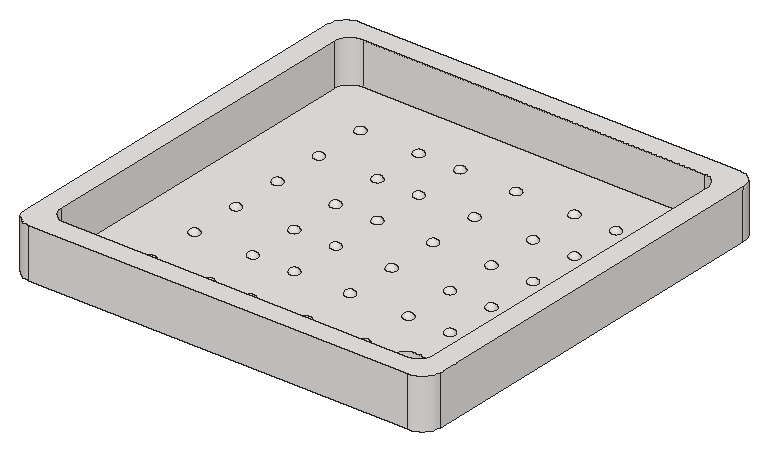
Revit family "GOSE Plato de ducha JB808P001", category Generic Models, Revit 2014
Parameters (values of type "JB808P001")
  material = Porcelana Vitrificada
  b = 800 mm
  a = 800 mm
  MODELO = "GOSE"
  MARCA = "WASSER"
  EMPRESA = "CHC COMERCIAL HISPANO CHILENA"
  DIMENSIONES = "80X80CM"
  CÓDIGO = "JB808P001"
  ACCESORIO = "PLATO DE DUCHA"
Reference planes
  plane 1 "Center (Front/Back)": y = 0
  plane 2: z = 0
  plane 3 "Center (Left/Right)": x = 0
  plane 4: y = 400
  plane 5: y = -400
  plane 6: x = 400
  plane 7: x = -400
  plane 8: z = 95
Forms (mm)
  Extrusion 1, solid, material "Porcelana Vitrificada" <- "material"
    sketch origin (0, 0, 0) x (1, 0, 0) y (0, 1, 0)
      loop
        arc (-365, 400) -> (-389.749, 389.749) -> (-400, 365) r 35
        line (-400, 365) -> (-400, -365)
        arc (-400, -365) -> (-389.749, -389.749) -> (-365, -400) r 35
        line (-365, -400) -> (365, -400)
        arc (365, -400) -> (389.749, -389.749) -> (400, -365) r 35
        line (400, -365) -> (400, 365)
        arc (400, 365) -> (389.749, 389.749) -> (365, 400) r 35
        line (365, 400) -> (-365, 400)
    from 0 to 95
  Extrusion 2, void
    sketch origin (0, 0, 0) x (1, 0, 0) y (0, 1, 0)
      loop
        line (328.5, 360) -> (-328.5, 360)
        arc (-328.5, 360) -> (-350.774, 350.774) -> (-360, 328.5) r 31.5
        line (-360, 328.5) -> (-360, -328.5)
        arc (-360, -328.5) -> (-350.774, -350.774) -> (-328.5, -360) r 31.5
        line (-328.5, -360) -> (328.5, -360)
        arc (328.5, -360) -> (350.774, -350.774) -> (360, -328.5) r 31.5
        line (360, -328.5) -> (360, 328.5)
        arc (360, 328.5) -> (350.774, 350.774) -> (328.5, 360) r 31.5
    from 13.879 to 95
  Extrusion 3, void
    sketch origin (0, 0, 0) x (1, 0, 0) y (0, 1, 0)
      loop
        circle (247.583, -257.759) r 30
    from 0 to 22.243
  Revolve 4, solid, material "Porcelana Vitrificada" <- "material"
    sketch origin (0, 0, 10.625) x (1, 0, 0) y (0, 1, 0)
      loop
        arc (235.263, 251.336) -> (245.263, 241.336) -> (255.263, 251.336) r 10
        line (255.263, 251.336) -> (235.263, 251.336)
      axis (235.263, 251.336) -> (255.263, 251.336)
    angle from 0 to 360
  Revolve 5, solid, material "Porcelana Vitrificada" <- "material"
    sketch origin (-80, 0, 10.625) x (1, 0, 0) y (0, 1, 0)
      loop
        arc (235.263, 251.336) -> (245.263, 241.336) -> (255.263, 251.336) r 10
        line (255.263, 251.336) -> (235.263, 251.336)
      axis (235.263, 251.336) -> (255.263, 251.336)
    angle from 0 to 360
  Revolve 6, solid, material "Porcelana Vitrificada" <- "material"
    sketch origin (-192.5, 0, 10.625) x (1, 0, 0) y (0, 1, 0)
      loop
        arc (235.263, 251.336) -> (245.263, 241.336) -> (255.263, 251.336) r 10
        line (255.263, 251.336) -> (235.263, 251.336)
      axis (235.263, 251.336) -> (255.263, 251.336)
    angle from 0 to 360
  Revolve 7, solid, material "Porcelana Vitrificada" <- "material"
    sketch origin (-300, 0, 10.625) x (1, 0, 0) y (0, 1, 0)
      loop
        arc (235.263, 251.336) -> (245.263, 241.336) -> (255.263, 251.336) r 10
        line (255.263, 251.336) -> (235.263, 251.336)
      axis (235.263, 251.336) -> (255.263, 251.336)
    angle from 0 to 360
  Revolve 8, solid, material "Porcelana Vitrificada" <- "material"
    sketch origin (-380, 0, 10.625) x (1, 0, 0) y (0, 1, 0)
      loop
        arc (235.263, 251.336) -> (245.263, 241.336) -> (255.263, 251.336) r 10
        line (255.263, 251.336) -> (235.263, 251.336)
      axis (235.263, 251.336) -> (255.263, 251.336)
    angle from 0 to 360
  Revolve 9, solid, material "Porcelana Vitrificada" <- "material"
    sketch origin (-492.5, 0, 10.625) x (1, 0, 0) y (0, 1, 0)
      loop
        arc (235.263, 251.336) -> (245.263, 241.336) -> (255.263, 251.336) r 10
        line (255.263, 251.336) -> (235.263, 251.336)
      axis (235.263, 251.336) -> (255.263, 251.336)
    angle from 0 to 360
  Revolve 10, solid, material "Porcelana Vitrificada" <- "material"
    sketch origin (0, -100, 10.625) x (1, 0, 0) y (0, 1, 0)
      loop
        arc (235.263, 251.336) -> (245.263, 241.336) -> (255.263, 251.336) r 10
        line (255.263, 251.336) -> (235.263, 251.336)
      axis (235.263, 251.336) -> (255.263, 251.336)
    angle from 0 to 360
  Revolve 11, solid, material "Porcelana Vitrificada" <- "material"
    sketch origin (-80, -100, 10.625) x (1, 0, 0) y (0, 1, 0)
      loop
        arc (235.263, 251.336) -> (245.263, 241.336) -> (255.263, 251.336) r 10
        line (255.263, 251.336) -> (235.263, 251.336)
      axis (235.263, 251.336) -> (255.263, 251.336)
    angle from 0 to 360
  Revolve 12, solid, material "Porcelana Vitrificada" <- "material"
    sketch origin (-192.5, -100, 10.625) x (1, 0, 0) y (0, 1, 0)
      loop
        arc (235.263, 251.336) -> (245.263, 241.336) -> (255.263, 251.336) r 10
        line (255.263, 251.336) -> (235.263, 251.336)
      axis (235.263, 251.336) -> (255.263, 251.336)
    angle from 0 to 360
  Revolve 13, solid, material "Porcelana Vitrificada" <- "material"
    sketch origin (-300, -100, 10.625) x (1, 0, 0) y (0, 1, 0)
      loop
        arc (235.263, 251.336) -> (245.263, 241.336) -> (255.263, 251.336) r 10
        line (255.263, 251.336) -> (235.263, 251.336)
      axis (235.263, 251.336) -> (255.263, 251.336)
    angle from 0 to 360
  Revolve 14, solid, material "Porcelana Vitrificada" <- "material"
    sketch origin (-380, -100, 10.625) x (1, 0, 0) y (0, 1, 0)
      loop
        arc (235.263, 251.336) -> (245.263, 241.336) -> (255.263, 251.336) r 10
        line (255.263, 251.336) -> (235.263, 251.336)
      axis (235.263, 251.336) -> (255.263, 251.336)
    angle from 0 to 360
  Revolve 15, solid, material "Porcelana Vitrificada" <- "material"
    sketch origin (-492.5, -100, 10.625) x (1, 0, 0) y (0, 1, 0)
      loop
        arc (235.263, 251.336) -> (245.263, 241.336) -> (255.263, 251.336) r 10
        line (255.263, 251.336) -> (235.263, 251.336)
      axis (235.263, 251.336) -> (255.263, 251.336)
    angle from 0 to 360
  Revolve 16, solid, material "Porcelana Vitrificada" <- "material"
    sketch origin (0, -200, 10.625) x (1, 0, 0) y (0, 1, 0)
      loop
        arc (235.263, 251.336) -> (245.263, 241.336) -> (255.263, 251.336) r 10
        line (255.263, 251.336) -> (235.263, 251.336)
      axis (235.263, 251.336) -> (255.263, 251.336)
    angle from 0 to 360
  Revolve 17, solid, material "Porcelana Vitrificada" <- "material"
    sketch origin (-80, -200, 10.625) x (1, 0, 0) y (0, 1, 0)
      loop
        arc (235.263, 251.336) -> (245.263, 241.336) -> (255.263, 251.336) r 10
        line (255.263, 251.336) -> (235.263, 251.336)
      axis (235.263, 251.336) -> (255.263, 251.336)
    angle from 0 to 360
  Revolve 18, solid, material "Porcelana Vitrificada" <- "material"
    sketch origin (-192.5, -200, 10.625) x (1, 0, 0) y (0, 1, 0)
      loop
        arc (235.263, 251.336) -> (245.263, 241.336) -> (255.263, 251.336) r 10
        line (255.263, 251.336) -> (235.263, 251.336)
      axis (235.263, 251.336) -> (255.263, 251.336)
    angle from 0 to 360
  Revolve 19, solid, material "Porcelana Vitrificada" <- "material"
    sketch origin (-300, -200, 10.625) x (1, 0, 0) y (0, 1, 0)
      loop
        arc (235.263, 251.336) -> (245.263, 241.336) -> (255.263, 251.336) r 10
        line (255.263, 251.336) -> (235.263, 251.336)
      axis (235.263, 251.336) -> (255.263, 251.336)
    angle from 0 to 360
  Revolve 20, solid, material "Porcelana Vitrificada" <- "material"
    sketch origin (-380, -200, 10.625) x (1, 0, 0) y (0, 1, 0)
      loop
        arc (235.263, 251.336) -> (245.263, 241.336) -> (255.263, 251.336) r 10
        line (255.263, 251.336) -> (235.263, 251.336)
      axis (235.263, 251.336) -> (255.263, 251.336)
    angle from 0 to 360
  Revolve 21, solid, material "Porcelana Vitrificada" <- "material"
    sketch origin (-492.5, -200, 10.625) x (1, 0, 0) y (0, 1, 0)
      loop
        arc (235.263, 251.336) -> (245.263, 241.336) -> (255.263, 251.336) r 10
        line (255.263, 251.336) -> (235.263, 251.336)
      axis (235.263, 251.336) -> (255.263, 251.336)
    angle from 0 to 360
  Revolve 22, solid, material "Porcelana Vitrificada" <- "material"
    sketch origin (0, -300, 10.625) x (1, 0, 0) y (0, 1, 0)
      loop
        arc (235.263, 251.336) -> (245.263, 241.336) -> (255.263, 251.336) r 10
        line (255.263, 251.336) -> (235.263, 251.336)
      axis (235.263, 251.336) -> (255.263, 251.336)
    angle from 0 to 360
  Revolve 23, solid, material "Porcelana Vitrificada" <- "material"
    sketch origin (-80, -300, 10.625) x (1, 0, 0) y (0, 1, 0)
      loop
        arc (235.263, 251.336) -> (245.263, 241.336) -> (255.263, 251.336) r 10
        line (255.263, 251.336) -> (235.263, 251.336)
      axis (235.263, 251.336) -> (255.263, 251.336)
    angle from 0 to 360
  Revolve 24, solid, material "Porcelana Vitrificada" <- "material"
    sketch origin (-192.5, -300, 10.625) x (1, 0, 0) y (0, 1, 0)
      loop
        arc (235.263, 251.336) -> (245.263, 241.336) -> (255.263, 251.336) r 10
        line (255.263, 251.336) -> (235.263, 251.336)
      axis (235.263, 251.336) -> (255.263, 251.336)
    angle from 0 to 360
  Revolve 25, solid, material "Porcelana Vitrificada" <- "material"
    sketch origin (-300, -300, 10.625) x (1, 0, 0) y (0, 1, 0)
      loop
        arc (235.263, 251.336) -> (245.263, 241.336) -> (255.263, 251.336) r 10
        line (255.263, 251.336) -> (235.263, 251.336)
      axis (235.263, 251.336) -> (255.263, 251.336)
    angle from 0 to 360
  Revolve 26, solid, material "Porcelana Vitrificada" <- "material"
    sketch origin (-380, -300, 10.625) x (1, 0, 0) y (0, 1, 0)
      loop
        arc (235.263, 251.336) -> (245.263, 241.336) -> (255.263, 251.336) r 10
        line (255.263, 251.336) -> (235.263, 251.336)
      axis (235.263, 251.336) -> (255.263, 251.336)
    angle from 0 to 360
  Revolve 27, solid, material "Porcelana Vitrificada" <- "material"
    sketch origin (-492.5, -300, 10.625) x (1, 0, 0) y (0, 1, 0)
      loop
        arc (235.263, 251.336) -> (245.263, 241.336) -> (255.263, 251.336) r 10
        line (255.263, 251.336) -> (235.263, 251.336)
      axis (235.263, 251.336) -> (255.263, 251.336)
    angle from 0 to 360
  Revolve 28, solid, material "Porcelana Vitrificada" <- "material"
    sketch origin (0, -400, 10.625) x (1, 0, 0) y (0, 1, 0)
      loop
        arc (235.263, 251.336) -> (245.263, 241.336) -> (255.263, 251.336) r 10
        line (255.263, 251.336) -> (235.263, 251.336)
      axis (235.263, 251.336) -> (255.263, 251.336)
    angle from 0 to 360
  Revolve 29, solid, material "Porcelana Vitrificada" <- "material"
    sketch origin (-80, -400, 10.625) x (1, 0, 0) y (0, 1, 0)
      loop
        arc (235.263, 251.336) -> (245.263, 241.336) -> (255.263, 251.336) r 10
        line (255.263, 251.336) -> (235.263, 251.336)
      axis (235.263, 251.336) -> (255.263, 251.336)
    angle from 0 to 360
  Revolve 30, solid, material "Porcelana Vitrificada" <- "material"
    sketch origin (-192.5, -400, 10.625) x (1, 0, 0) y (0, 1, 0)
      loop
        arc (235.263, 251.336) -> (245.263, 241.336) -> (255.263, 251.336) r 10
        line (255.263, 251.336) -> (235.263, 251.336)
      axis (235.263, 251.336) -> (255.263, 251.336)
    angle from 0 to 360
  Revolve 31, solid, material "Porcelana Vitrificada" <- "material"
    sketch origin (-300, -400, 10.625) x (1, 0, 0) y (0, 1, 0)
      loop
        arc (235.263, 251.336) -> (245.263, 241.336) -> (255.263, 251.336) r 10
        line (255.263, 251.336) -> (235.263, 251.336)
      axis (235.263, 251.336) -> (255.263, 251.336)
    angle from 0 to 360
  Revolve 32, solid, material "Porcelana Vitrificada" <- "material"
    sketch origin (-380, -400, 10.625) x (1, 0, 0) y (0, 1, 0)
      loop
        arc (235.263, 251.336) -> (245.263, 241.336) -> (255.263, 251.336) r 10
        line (255.263, 251.336) -> (235.263, 251.336)
      axis (235.263, 251.336) -> (255.263, 251.336)
    angle from 0 to 360
  Revolve 33, solid, material "Porcelana Vitrificada" <- "material"
    sketch origin (-492.5, -400, 10.625) x (1, 0, 0) y (0, 1, 0)
      loop
        arc (235.263, 251.336) -> (245.263, 241.336) -> (255.263, 251.336) r 10
        line (255.263, 251.336) -> (235.263, 251.336)
      axis (235.263, 251.336) -> (255.263, 251.336)
    angle from 0 to 360
  Revolve 34, solid, material "Porcelana Vitrificada" <- "material"
    sketch origin (-80, -505, 10.625) x (1, 0, 0) y (0, 1, 0)
      loop
        arc (235.263, 251.336) -> (245.263, 241.336) -> (255.263, 251.336) r 10
        line (255.263, 251.336) -> (235.263, 251.336)
      axis (235.263, 251.336) -> (255.263, 251.336)
    angle from 0 to 360
  Revolve 35, solid, material "Porcelana Vitrificada" <- "material"
    sketch origin (-192.5, -505, 10.625) x (1, 0, 0) y (0, 1, 0)
      loop
        arc (235.263, 251.336) -> (245.263, 241.336) -> (255.263, 251.336) r 10
        line (255.263, 251.336) -> (235.263, 251.336)
      axis (235.263, 251.336) -> (255.263, 251.336)
    angle from 0 to 360
  Revolve 36, solid, material "Porcelana Vitrificada" <- "material"
    sketch origin (-300, -505, 10.625) x (1, 0, 0) y (0, 1, 0)
      loop
        arc (235.263, 251.336) -> (245.263, 241.336) -> (255.263, 251.336) r 10
        line (255.263, 251.336) -> (235.263, 251.336)
      axis (235.263, 251.336) -> (255.263, 251.336)
    angle from 0 to 360
  Revolve 37, solid, material "Porcelana Vitrificada" <- "material"
    sketch origin (-380, -505, 10.625) x (1, 0, 0) y (0, 1, 0)
      loop
        arc (235.263, 251.336) -> (245.263, 241.336) -> (255.263, 251.336) r 10
        line (255.263, 251.336) -> (235.263, 251.336)
      axis (235.263, 251.336) -> (255.263, 251.336)
    angle from 0 to 360
  Revolve 38, solid, material "Porcelana Vitrificada" <- "material"
    sketch origin (-492.5, -505, 10.625) x (1, 0, 0) y (0, 1, 0)
      loop
        arc (235.263, 251.336) -> (245.263, 241.336) -> (255.263, 251.336) r 10
        line (255.263, 251.336) -> (235.263, 251.336)
      axis (235.263, 251.336) -> (255.263, 251.336)
    angle from 0 to 360
Cuts and joins
  Extrusion 2, Extrusion 3 cuts Extrusion 1
Lines and regions (mm)
  Masking region 1
    outline origin (0, 0, 0) x (0, 1, 0) y (0, 0, 1)
      loop
        line (-360, 13.879) -> (359.89, 13.879) -> (359.89, 26.444) -> (-360, 13.879)
Dimensions and locks
  equal spacing: plane 7, plane 3 "Center (Left/Right)", plane 6
  equal spacing: plane 4, plane 1 "Center (Front/Back)", plane 5
  "b": plane 7 to plane 6
  "a": plane 4 to plane 5
  plane 8 to level = 95 mm
  aligned and locked: level to plane 2
  aligned and locked: plane 8 to Extrusion 1
Automatic sketch dimensions
  Extrusion 1 sketch curve to plane 7 = 0 mm
  Extrusion 1 sketch curve to plane 5 = 0 mm
  Extrusion 1 sketch curve to plane 4 = 0 mm
  Extrusion 1 sketch curve to plane 6 = 0 mm
  plane 7 to Extrusion 1 sketch curve = 35 mm
  Extrusion 1 sketch curve to plane 4 = 35 mm
  Extrusion 1 sketch curve to plane 6 = 35 mm
  plane 5 to Extrusion 1 sketch curve = 35 mm
  plane 7 to Extrusion 2 sketch curve = 40 mm
  Extrusion 2 sketch curve to Extrusion 2 sketch curve = 31.5 mm  (x3)
  Extrusion 2 sketch curve to plane 6 = 71.5 mm  (x2)
  plane 5 to Extrusion 2 sketch curve = 40 mm
  Extrusion 2 sketch curve to plane 4 = 71.5 mm
  Extrusion 3 sketch curve to plane 6 = 152.417 mm
  plane 5 to Extrusion 3 sketch curve = 142.241 mm
  level to Masking region 1 sketch curve = 13.879 mm
  plane 5 to Masking region 1 sketch curve = 40 mm
  Masking region 1 sketch curve to plane 4 = 40.11 mm
  Masking region 1 sketch curve to Masking region 1 sketch curve = 12.566 mm
  Revolve 4 sketch curve to plane 6 = 164.737 mm
  Revolve 4 sketch curve to Revolve 4 sketch curve = 10 mm
  Revolve 4 sketch curve to plane 4 = 148.664 mm
  Revolve 4 sketch curve to Revolve 4 sketch curve = 0 mm  (x2)
  Revolve 4 sketch curve to Revolve 4 sketch curve = 20 mm
  plane 3 "Center (Left/Right)" to Revolve 5 sketch curve = 155.263 mm
  Revolve 5 sketch curve to Revolve 5 sketch curve = 10 mm
  Revolve 5 sketch curve to plane 4 = 148.664 mm
  Revolve 5 sketch curve to Revolve 5 sketch curve = 0 mm  (x2)
  Revolve 5 sketch curve to Revolve 5 sketch curve = 20 mm
  plane 3 "Center (Left/Right)" to Revolve 6 sketch curve = 42.763 mm
  Revolve 6 sketch curve to Revolve 6 sketch curve = 10 mm
  Revolve 6 sketch curve to plane 4 = 148.664 mm
  Revolve 6 sketch curve to Revolve 6 sketch curve = 0 mm  (x2)
  Revolve 6 sketch curve to Revolve 6 sketch curve = 20 mm
  Revolve 7 sketch curve to plane 3 "Center (Left/Right)" = 64.737 mm
  Revolve 7 sketch curve to Revolve 7 sketch curve = 10 mm
  Revolve 7 sketch curve to plane 4 = 148.664 mm
  Revolve 7 sketch curve to Revolve 7 sketch curve = 0 mm  (x2)
  Revolve 7 sketch curve to Revolve 7 sketch curve = 20 mm
  Revolve 8 sketch curve to plane 3 "Center (Left/Right)" = 144.737 mm
  Revolve 8 sketch curve to Revolve 8 sketch curve = 10 mm
  Revolve 8 sketch curve to plane 4 = 148.664 mm
  Revolve 8 sketch curve to Revolve 8 sketch curve = 0 mm  (x2)
  Revolve 8 sketch curve to Revolve 8 sketch curve = 20 mm
  plane 7 to Revolve 9 sketch curve = 142.763 mm
  Revolve 9 sketch curve to Revolve 9 sketch curve = 10 mm
  Revolve 9 sketch curve to plane 4 = 148.664 mm
  Revolve 9 sketch curve to Revolve 9 sketch curve = 0 mm  (x2)
  Revolve 9 sketch curve to Revolve 9 sketch curve = 20 mm
  Revolve 10 sketch curve to plane 6 = 164.737 mm
  Revolve 10 sketch curve to Revolve 10 sketch curve = 10 mm
  Revolve 10 sketch curve to plane 1 "Center (Front/Back)" = 151.336 mm
  Revolve 10 sketch curve to Revolve 10 sketch curve = 0 mm  (x2)
  Revolve 10 sketch curve to Revolve 10 sketch curve = 20 mm
  plane 3 "Center (Left/Right)" to Revolve 11 sketch curve = 155.263 mm
  Revolve 11 sketch curve to Revolve 11 sketch curve = 10 mm
  Revolve 11 sketch curve to plane 1 "Center (Front/Back)" = 151.336 mm
  Revolve 11 sketch curve to Revolve 11 sketch curve = 0 mm  (x2)
  Revolve 11 sketch curve to Revolve 11 sketch curve = 20 mm
  plane 3 "Center (Left/Right)" to Revolve 12 sketch curve = 42.763 mm
  Revolve 12 sketch curve to Revolve 12 sketch curve = 10 mm
  Revolve 12 sketch curve to plane 1 "Center (Front/Back)" = 151.336 mm
  Revolve 12 sketch curve to Revolve 12 sketch curve = 0 mm  (x2)
  Revolve 12 sketch curve to Revolve 12 sketch curve = 20 mm
  Revolve 13 sketch curve to plane 3 "Center (Left/Right)" = 64.737 mm
  Revolve 13 sketch curve to Revolve 13 sketch curve = 10 mm
  Revolve 13 sketch curve to plane 1 "Center (Front/Back)" = 151.336 mm
  Revolve 13 sketch curve to Revolve 13 sketch curve = 0 mm  (x2)
  Revolve 13 sketch curve to Revolve 13 sketch curve = 20 mm
  Revolve 14 sketch curve to plane 3 "Center (Left/Right)" = 144.737 mm
  Revolve 14 sketch curve to Revolve 14 sketch curve = 10 mm
  Revolve 14 sketch curve to plane 1 "Center (Front/Back)" = 151.336 mm
  Revolve 14 sketch curve to Revolve 14 sketch curve = 0 mm  (x2)
  Revolve 14 sketch curve to Revolve 14 sketch curve = 20 mm
  plane 7 to Revolve 15 sketch curve = 142.763 mm
  Revolve 15 sketch curve to Revolve 15 sketch curve = 10 mm
  Revolve 15 sketch curve to plane 1 "Center (Front/Back)" = 151.336 mm
  Revolve 15 sketch curve to Revolve 15 sketch curve = 0 mm  (x2)
  Revolve 15 sketch curve to Revolve 15 sketch curve = 20 mm
  Revolve 16 sketch curve to plane 1 "Center (Front/Back)" = 51.336 mm
  Revolve 16 sketch curve to plane 6 = 164.737 mm
  Revolve 16 sketch curve to Revolve 16 sketch curve = 10 mm
  Revolve 16 sketch curve to Revolve 16 sketch curve = 0 mm  (x2)
  Revolve 16 sketch curve to Revolve 16 sketch curve = 20 mm
  Revolve 17 sketch curve to plane 1 "Center (Front/Back)" = 51.336 mm
  plane 3 "Center (Left/Right)" to Revolve 17 sketch curve = 155.263 mm
  Revolve 17 sketch curve to Revolve 17 sketch curve = 10 mm
  Revolve 17 sketch curve to Revolve 17 sketch curve = 0 mm  (x2)
  Revolve 17 sketch curve to Revolve 17 sketch curve = 20 mm
  plane 3 "Center (Left/Right)" to Revolve 18 sketch curve = 42.763 mm
  Revolve 18 sketch curve to Revolve 18 sketch curve = 10 mm
  Revolve 18 sketch curve to plane 1 "Center (Front/Back)" = 51.336 mm
  Revolve 18 sketch curve to Revolve 18 sketch curve = 0 mm  (x2)
  Revolve 18 sketch curve to Revolve 18 sketch curve = 20 mm
  Revolve 19 sketch curve to plane 3 "Center (Left/Right)" = 64.737 mm
  Revolve 19 sketch curve to Revolve 19 sketch curve = 10 mm
  Revolve 19 sketch curve to plane 1 "Center (Front/Back)" = 51.336 mm
  Revolve 19 sketch curve to Revolve 19 sketch curve = 0 mm  (x2)
  Revolve 19 sketch curve to Revolve 19 sketch curve = 20 mm
  Revolve 20 sketch curve to plane 1 "Center (Front/Back)" = 51.336 mm
  Revolve 20 sketch curve to plane 3 "Center (Left/Right)" = 144.737 mm
  Revolve 20 sketch curve to Revolve 20 sketch curve = 10 mm
  Revolve 20 sketch curve to Revolve 20 sketch curve = 0 mm  (x2)
  Revolve 20 sketch curve to Revolve 20 sketch curve = 20 mm
  Revolve 21 sketch curve to plane 1 "Center (Front/Back)" = 51.336 mm
  plane 7 to Revolve 21 sketch curve = 142.763 mm
  Revolve 21 sketch curve to Revolve 21 sketch curve = 10 mm
  Revolve 21 sketch curve to Revolve 21 sketch curve = 0 mm  (x2)
  Revolve 21 sketch curve to Revolve 21 sketch curve = 20 mm
  plane 1 "Center (Front/Back)" to Revolve 22 sketch curve = 48.664 mm
  Revolve 22 sketch curve to plane 6 = 164.737 mm
  Revolve 22 sketch curve to Revolve 22 sketch curve = 10 mm
  Revolve 22 sketch curve to Revolve 22 sketch curve = 0 mm  (x2)
  Revolve 22 sketch curve to Revolve 22 sketch curve = 20 mm
  plane 1 "Center (Front/Back)" to Revolve 23 sketch curve = 48.664 mm
  plane 3 "Center (Left/Right)" to Revolve 23 sketch curve = 155.263 mm
  Revolve 23 sketch curve to Revolve 23 sketch curve = 10 mm
  Revolve 23 sketch curve to Revolve 23 sketch curve = 0 mm  (x2)
  Revolve 23 sketch curve to Revolve 23 sketch curve = 20 mm
  plane 3 "Center (Left/Right)" to Revolve 24 sketch curve = 42.763 mm
  Revolve 24 sketch curve to Revolve 24 sketch curve = 10 mm
  plane 1 "Center (Front/Back)" to Revolve 24 sketch curve = 48.664 mm
  Revolve 24 sketch curve to Revolve 24 sketch curve = 0 mm  (x2)
  Revolve 24 sketch curve to Revolve 24 sketch curve = 20 mm
  Revolve 25 sketch curve to plane 3 "Center (Left/Right)" = 64.737 mm
  Revolve 25 sketch curve to Revolve 25 sketch curve = 10 mm
  plane 1 "Center (Front/Back)" to Revolve 25 sketch curve = 48.664 mm
  Revolve 25 sketch curve to Revolve 25 sketch curve = 0 mm  (x2)
  Revolve 25 sketch curve to Revolve 25 sketch curve = 20 mm
  plane 1 "Center (Front/Back)" to Revolve 26 sketch curve = 48.664 mm
  Revolve 26 sketch curve to plane 3 "Center (Left/Right)" = 144.737 mm
  Revolve 26 sketch curve to Revolve 26 sketch curve = 10 mm
  Revolve 26 sketch curve to Revolve 26 sketch curve = 0 mm  (x2)
  Revolve 26 sketch curve to Revolve 26 sketch curve = 20 mm
  plane 1 "Center (Front/Back)" to Revolve 27 sketch curve = 48.664 mm
  plane 7 to Revolve 27 sketch curve = 142.763 mm
  Revolve 27 sketch curve to Revolve 27 sketch curve = 10 mm
  Revolve 27 sketch curve to Revolve 27 sketch curve = 0 mm  (x2)
  Revolve 27 sketch curve to Revolve 27 sketch curve = 20 mm
  Revolve 28 sketch curve to plane 6 = 164.737 mm
  Revolve 28 sketch curve to Revolve 28 sketch curve = 10 mm
  plane 1 "Center (Front/Back)" to Revolve 28 sketch curve = 148.664 mm
  Revolve 28 sketch curve to Revolve 28 sketch curve = 0 mm  (x2)
  Revolve 28 sketch curve to Revolve 28 sketch curve = 20 mm
  plane 3 "Center (Left/Right)" to Revolve 29 sketch curve = 155.263 mm
  Revolve 29 sketch curve to Revolve 29 sketch curve = 10 mm
  plane 1 "Center (Front/Back)" to Revolve 29 sketch curve = 148.664 mm
  Revolve 29 sketch curve to Revolve 29 sketch curve = 0 mm  (x2)
  Revolve 29 sketch curve to Revolve 29 sketch curve = 20 mm
  plane 3 "Center (Left/Right)" to Revolve 30 sketch curve = 42.763 mm
  Revolve 30 sketch curve to Revolve 30 sketch curve = 10 mm
  plane 1 "Center (Front/Back)" to Revolve 30 sketch curve = 148.664 mm
  Revolve 30 sketch curve to Revolve 30 sketch curve = 0 mm  (x2)
  Revolve 30 sketch curve to Revolve 30 sketch curve = 20 mm
  Revolve 31 sketch curve to plane 3 "Center (Left/Right)" = 64.737 mm
  Revolve 31 sketch curve to Revolve 31 sketch curve = 10 mm
  plane 1 "Center (Front/Back)" to Revolve 31 sketch curve = 148.664 mm
  Revolve 31 sketch curve to Revolve 31 sketch curve = 0 mm  (x2)
  Revolve 31 sketch curve to Revolve 31 sketch curve = 20 mm
  Revolve 32 sketch curve to plane 3 "Center (Left/Right)" = 144.737 mm
  Revolve 32 sketch curve to Revolve 32 sketch curve = 10 mm
  plane 1 "Center (Front/Back)" to Revolve 32 sketch curve = 148.664 mm
  Revolve 32 sketch curve to Revolve 32 sketch curve = 0 mm  (x2)
  Revolve 32 sketch curve to Revolve 32 sketch curve = 20 mm
  plane 7 to Revolve 33 sketch curve = 142.763 mm
  Revolve 33 sketch curve to Revolve 33 sketch curve = 10 mm
  plane 1 "Center (Front/Back)" to Revolve 33 sketch curve = 148.664 mm
  Revolve 33 sketch curve to Revolve 33 sketch curve = 0 mm  (x2)
  Revolve 33 sketch curve to Revolve 33 sketch curve = 20 mm
  plane 3 "Center (Left/Right)" to Revolve 34 sketch curve = 155.263 mm
  Revolve 34 sketch curve to Revolve 34 sketch curve = 10 mm
  plane 5 to Revolve 34 sketch curve = 146.336 mm
  Revolve 34 sketch curve to Revolve 34 sketch curve = 0 mm  (x2)
  Revolve 34 sketch curve to Revolve 34 sketch curve = 20 mm
  plane 3 "Center (Left/Right)" to Revolve 35 sketch curve = 42.763 mm
  Revolve 35 sketch curve to Revolve 35 sketch curve = 10 mm
  plane 5 to Revolve 35 sketch curve = 146.336 mm
  Revolve 35 sketch curve to Revolve 35 sketch curve = 0 mm  (x2)
  Revolve 35 sketch curve to Revolve 35 sketch curve = 20 mm
  Revolve 36 sketch curve to plane 3 "Center (Left/Right)" = 64.737 mm
  Revolve 36 sketch curve to Revolve 36 sketch curve = 10 mm
  plane 5 to Revolve 36 sketch curve = 146.336 mm
  Revolve 36 sketch curve to Revolve 36 sketch curve = 0 mm  (x2)
  Revolve 36 sketch curve to Revolve 36 sketch curve = 20 mm
  Revolve 37 sketch curve to plane 3 "Center (Left/Right)" = 144.737 mm
  Revolve 37 sketch curve to Revolve 37 sketch curve = 10 mm
  plane 5 to Revolve 37 sketch curve = 146.336 mm
  Revolve 37 sketch curve to Revolve 37 sketch curve = 0 mm  (x2)
  Revolve 37 sketch curve to Revolve 37 sketch curve = 20 mm
  plane 7 to Revolve 38 sketch curve = 142.763 mm
  Revolve 38 sketch curve to Revolve 38 sketch curve = 10 mm
  plane 5 to Revolve 38 sketch curve = 146.336 mm
  Revolve 38 sketch curve to Revolve 38 sketch curve = 0 mm  (x2)
  Revolve 38 sketch curve to Revolve 38 sketch curve = 20 mm
  radius of Extrusion 3 sketch curve = 30 mm
